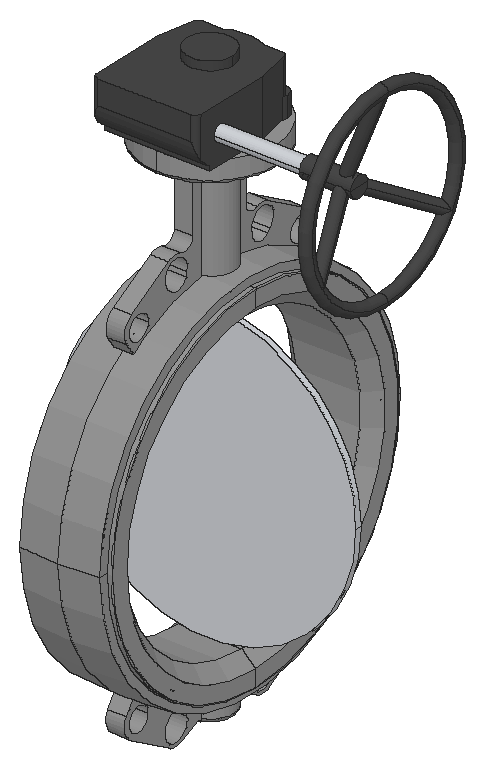
Revit family "Запорно-регулирующая заслонка с ручным редукторным приводом ZF-4219", category Rohrzubehör, Revit 2021
Family settings
  Bemaßung runder Anschluss = Durchmesser verwenden
  Teiletyp = Unterbricht
  Arbeitsebenenbasiert = Nein
  Immer vertikal = Ja
  Beim Laden mit Abzugskörper schneiden = Nein
  Gemeinsam genutzt = Nein
Parameters
  Шпиндель = "Нержавеющая сталь ASTM-A276 / Type 316"  # constant formula
  Фланцевое соединение = "В соответствии с EN1092-2"  # constant formula
  Уплотнение корпуса = "EPDM в соответствии с ISO 1691"  # constant formula
  Среда = "Качество теплоносителя в соответствии с ÖNORM H5195 и/или предписаниями VDI 2035.\r\nРазрешается использование смеси этилен или пропиленгликоля в соотношении 25-50% с водой."
  Область применения = "Применяются в системах тепло- и холодоснабжения."
  Номер заказа [instance] = size_lookup("4219_ZF_G", "Artnr", 1421901, Nennweite)  # 1421969
  Макс. рабочая температура = 110 °C  # constant formula
  Крутящий момент в Нм [instance] = size_lookup("4219_ZF_G", "NM", 350, Nennweite)  # 350
  Корпус = "Чугун GG, GJS-250/JL1040, в соответствии с EN1561"  # constant formula
  Диск = "Нержавеющая сталь 1.4408"  # constant formula
  Вес [instance] = size_lookup("4219_ZF_G", "M", 37.6, Nennweite)  # 37.6
  Vorgabe-Ansicht = 0 mm
  URL = "www.herz-armaturen.at"
  Болты PN16 [instance] = if(Nennweite = 50 mm, "4x M16x100", if(Nennweite = 65 mm, "4x M16x100", if(Nennweite = 80 mm, "8x M16x100", if(Nennweite = 100 mm, "8x M16x110", if(Nennweite = 125 mm, "8x M16x120", if(Nennweite = 150 mm, "8x M20x120", if(Nennweite = 200 mm, "12x M20x130", if(Nennweite = 250 mm, "12x M24x140", "12x M24x160"))))))))  # "12x M24x160"
  Болты PN 6 [instance] = if(Nennweite = 50 mm, "4x M12x100", if(Nennweite = 65 mm, "4x M12x100", if(Nennweite = 80 mm, "4x M16x100", if(Nennweite = 100 mm, "4x M16x100", if(Nennweite = 125 mm, "8x M16x110", if(Nennweite = 150 mm, "8x M16x110", if(Nennweite = 200 mm, "--", if(Nennweite = 250 mm, "12x M16x130", "12xM16x140"))))))))  # "12xM16x140"
  Болты PN10 [instance] = if(Nennweite = 50 mm, "4x M16x100", if(Nennweite = 65 mm, "4x M16x100", if(Nennweite = 80 mm, "4x M16x100", if(Nennweite = 100 mm, "4x M16x110", if(Nennweite = 125 mm, "8x M16x120", if(Nennweite = 150 mm, "8x M20x120", if(Nennweite = 200 mm, "8x M20x130", if(Nennweite = 250 mm, "12x M20x130", "12x M20x150"))))))))  # "12x M20x150"
  SCTWSEQ = "FW;SBT_TYP_FW=\"101\";2"
  SCTWCODE = "04;07;02"  # constant formula
  SCRNSEQ = "ARM;ARM_TYP=\"ALLF\";2"
  SCRNCODE = "05;13;02"  # constant formula
  R_Dichtung = 1.5 mm  # constant formula
  PN16 [instance] = or(Nennweite = 50 mm, Nennweite = 65 mm, Nennweite = 80 mm, Nennweite = 100 mm, Nennweite = 125 mm, Nennweite = 150 mm, Nennweite = 200 mm, Nennweite = 250 mm, Nennweite = 300 mm)  # yes
  PN10 [instance] = or(Nennweite = 50 mm, Nennweite = 65 mm, Nennweite = 80 mm, Nennweite = 100 mm, Nennweite = 125 mm, Nennweite = 150 mm, Nennweite = 200 mm, Nennweite = 250 mm, Nennweite = 300 mm)  # yes
  PN 6 [instance] = or(Nennweite = 50 mm, Nennweite = 65 mm, Nennweite = 80 mm, Nennweite = 100 mm, Nennweite = 125 mm, Nennweite = 150 mm, Nennweite = 250 mm, Nennweite = 300 mm)  # yes
  PN [instance] = 16  # constant formula
  O-Ring = "EPDM в соответствии с ISO 1691"  # constant formula
  Nennweite [instance] = 300 mm
  Мин. рабочая температура = "-20.00 °C при соответствующей водно-гликолевой смеси"  # constant formula
  LO1 [instance] = R05 + 10 mm  # 193 mm
  L16 [instance] = L01 - L13  # 299 mm
  L15 [instance] = L01 + L12  # 328 mm
  L14 [instance] = size_lookup("4219_ZF_G", "L_14", 44.4 mm, Nennweite)  # 89.4 mm
  L13 [instance] = size_lookup("4219_ZF_G", "L_13", 15 mm, Nennweite)  # 9 mm
  L12 [instance] = size_lookup("4219_ZF_G", "L_12", 15 mm, Nennweite)  # 20 mm
  L11 [instance] = size_lookup("4219_ZF_G", "L_11", 15 mm, Nennweite)  # 23 mm
  L10 [instance] = size_lookup("4219_ZF_G", "L_10", 16 mm, Nennweite)  # 16 mm
  L09 [instance] = size_lookup("4219_ZF_G", "L9", 29 mm, Nennweite)  # 61 mm
  L08 [instance] = size_lookup("4219_ZF_G", "L8", 43 mm, Nennweite)  # 78 mm
  L07 [instance] = size_lookup("4219_ZF_G", "L7", 3.5 mm, Nennweite)  # 4.5 mm
  L06 [instance] = size_lookup("4219_ZF_G", "L6", 18 mm, Nennweite)  # 44 mm
  L05 [instance] = size_lookup("4219_ZF_G", "L5", 35 mm, Nennweite)  # 67 mm
  L04 [instance] = size_lookup("4219_ZF_G", "L4", 35 mm, Nennweite)  # 17.5 mm
  L03 [instance] = size_lookup("4219_ZF_G", "L3", 35 mm, Nennweite)  # 207.5 mm
  L02 [instance] = size_lookup("4219_ZF_G", "L2", 35 mm, Nennweite)  # 122 mm
  L01 [instance] = size_lookup("4219_ZF_G", "L1", 35 mm, Nennweite)  # 308 mm
  Hersteller = "HERZ Armaturen Ges.m.b.H."  # constant formula
  H [instance] = size_lookup("4219_ZF_G", "H1", 9 mm, Nennweite)  # 22 mm
  DN300 [instance] = Nennweite = 300 mm  # yes
  DN250 [instance] = Nennweite = 250 mm  # no
  DN200 [instance] = Nennweite = 200 mm  # no
  DN150 [instance] = Nennweite = 150 mm  # no
  DN125 [instance] = Nennweite = 125 mm  # no
  DN100 [instance] = Nennweite = 100 mm  # no
  DN 80 [instance] = Nennweite = 80 mm  # no
  DN 65 [instance] = Nennweite = 65 mm  # no
  DN 50 [instance] = Nennweite = 50 mm  # no
  BD [instance] = size_lookup("4219_ZF_G", "DB", 24 mm, Nennweite)  # 290 mm
  D09 [instance] = size_lookup("4219_ZF_G", "D9", 24 mm, Nennweite)  # 145 mm
  D08 [instance] = size_lookup("4219_ZF_G", "D8", 47 mm, Nennweite)  # 18 mm
  D07 [instance] = size_lookup("4219_ZF_G", "D7", 47 mm, Nennweite)  # 37.5 mm
  D06 [instance] = size_lookup("4219_ZF_G", "D6", 47 mm, Nennweite)  # 65 mm
  R05 [instance] = size_lookup("4219_ZF_G", "D5", 47 mm, Nennweite)  # 183 mm
  D05 [instance] = R05 * 2  # 366 mm
  D04 [instance] = size_lookup("4219_ZF_G", "D4", 41 mm, Nennweite)  # 175 mm
  D03 [instance] = size_lookup("4219_ZF_G", "D3", 35.5 mm, Nennweite)  # 167.5 mm
  R01 [instance] = size_lookup("4219_ZF_G", "D1", 28 mm, Nennweite)  # 154.5 mm
  R02 [instance] = size_lookup("4219_ZF_G", "D2", 30 mm, Nennweite)  # 156.5 mm
Reference planes
  plane 1 "Mitte (Vorne/hinten)": y = 0
  plane 2: z = 0
  plane 3 "Mitte (Links/rechts)": x = 0
Forms (mm)
  Revolve 1, solid, material "Herz-Metall-blau", detail levels fine
    sketch origin (0, 0, 0) x (1, 0, 0) y (0, 1, 0)
      loop
        line (0, 185.241) -> (-39, 183) -> (-39, 175) -> (-30.5, 175) -> (-30.5, 167.5) -> (-32, 167.5)
        arc (-32, 167.5) -> (-33.061, 167.061) -> (-33.5, 166) r 1.5
        line (-33.5, 166) -> (-33.5, 156.824)
        arc (-33.5, 156.824) -> (-33.229, 155.964) -> (-32.513, 155.415) r 1.5
        line (-32.513, 155.415) -> (-29, 154.5) -> (-22, 154.5) -> (-22, 156.5) -> (22, 156.5) -> (22, 154.5) -> (29, 154.5) -> (32.513, 155.415)
        arc (32.513, 155.415) -> (33.229, 155.964) -> (33.5, 156.824) r 1.5
        line (33.5, 156.824) -> (33.5, 166)
        arc (33.5, 166) -> (33.061, 167.061) -> (32, 167.5) r 1.5
        line (32, 167.5) -> (30.5, 167.5) -> (30.5, 175) -> (39, 175) -> (39, 183) -> (0, 185.241)
      axis (39, 0) -> (-39, 0)
    angle from 0 to 360
  Extrusion 2, solid, material "Herz-Metall-blau", visible <- "DN 50", detail levels fine
    sketch origin (0, 0, 0) x (0, 1, 0) y (0, 0, 1)
      loop
        line (20, 54.051) -> (20.008, 111.113) -> (16.897, 110.952)
        arc (16.897, 110.952) -> (15.55, 110.331) -> (15, 108.954) r 2
        line (15, 108.954) -> (15, 44.542)
        arc (15, 44.542) -> (31.465, 34.913) -> (42.748, 19.534) r 47
        arc (42.748, 19.534) -> (42.633, 20.873) -> (43.392, 21.983) r 2
        line (43.392, 21.983) -> (54.714, 30.209)
        arc (54.714, 30.209) -> (56.569, 56.569) -> (30.209, 54.714) r 17.5
        line (30.209, 54.714) -> (27.87, 51.494)
        arc (27.87, 51.494) -> (23.006, 49.914) -> (20, 54.051) r 4.35
      loop
        arc (32.065, 41.998) -> (33.588, 33.588) -> (41.998, 32.065) r 7.5
        line (41.998, 32.065) -> (48.502, 35.17)
        arc (48.502, 35.17) -> (51.265, 51.265) -> (35.17, 48.502) r 10
        line (35.17, 48.502) -> (32.065, 41.998)
      loop
        arc (-20, 54.051) -> (-23.006, 49.914) -> (-27.87, 51.494) r 4.35
        line (-27.87, 51.494) -> (-30.209, 54.714)
        arc (-30.209, 54.714) -> (-56.569, 56.569) -> (-54.714, 30.209) r 17.5
        line (-54.714, 30.209) -> (-43.392, 21.983)
        arc (-43.392, 21.983) -> (-42.633, 20.873) -> (-42.748, 19.534) r 2
        arc (-42.748, 19.534) -> (-31.465, 34.913) -> (-15, 44.542) r 47
        line (-15, 44.542) -> (-15, 108.954)
        arc (-15, 108.954) -> (-15.55, 110.331) -> (-16.897, 110.952) r 2
        line (-16.897, 110.952) -> (-20.008, 111.113) -> (-20, 54.051)
      loop
        line (-32.065, 41.998) -> (-35.17, 48.502)
        arc (-35.17, 48.502) -> (-51.265, 51.265) -> (-48.502, 35.17) r 10
        line (-48.502, 35.17) -> (-41.998, 32.065)
        arc (-41.998, 32.065) -> (-33.588, 33.588) -> (-32.065, 41.998) r 7.5
      loop
        line (32.065, -41.998) -> (35.17, -48.502)
        arc (35.17, -48.502) -> (51.265, -51.265) -> (48.502, -35.17) r 10
        line (48.502, -35.17) -> (41.998, -32.065)
        arc (41.998, -32.065) -> (33.588, -33.588) -> (32.065, -41.998) r 7.5
      loop
        line (54.714, -30.209) -> (43.392, -21.983)
        arc (43.392, -21.983) -> (42.633, -20.873) -> (42.748, -19.534) r 2
        arc (42.748, -19.534) -> (33.234, -33.234) -> (19.534, -42.748) r 47
        arc (19.534, -42.748) -> (20.873, -42.633) -> (21.983, -43.392) r 2
        line (21.983, -43.392) -> (30.209, -54.714)
        arc (30.209, -54.714) -> (56.569, -56.569) -> (54.714, -30.209) r 17.5
      loop
        arc (-32.065, -41.998) -> (-33.588, -33.588) -> (-41.998, -32.065) r 7.5
        line (-41.998, -32.065) -> (-48.502, -35.17)
        arc (-48.502, -35.17) -> (-51.265, -51.265) -> (-35.17, -48.502) r 10
        line (-35.17, -48.502) -> (-32.065, -41.998)
      loop
        arc (-54.714, -30.209) -> (-56.569, -56.569) -> (-30.209, -54.714) r 17.5
        line (-30.209, -54.714) -> (-21.983, -43.392)
        arc (-21.983, -43.392) -> (-20.873, -42.633) -> (-19.534, -42.748) r 2
        arc (-19.534, -42.748) -> (-33.234, -33.234) -> (-42.748, -19.534) r 47
        arc (-42.748, -19.534) -> (-42.633, -20.873) -> (-43.392, -21.983) r 2
        line (-43.392, -21.983) -> (-54.714, -30.209)
    from -4.5 to 4.5
  Extrusion 3, solid, material "Herz-Metall-blau", visible <- "DN 65", detail levels fine
    sketch origin (0, 0, 0) x (0, 1, 0) y (0, 0, 1)
      loop
        arc (51.659, 21.619) -> (51.541, 22.778) -> (52.089, 23.805) r 2
        line (52.089, 23.805) -> (65.407, 37.123)
        arc (65.407, 37.123) -> (65.407, 65.407) -> (37.123, 65.407) r 20
        line (37.123, 65.407) -> (29.414, 57.699)
        arc (29.414, 57.699) -> (27.235, 57.265) -> (26, 59.113) r 2
        line (26, 59.113) -> (26, 136.154) -> (19.897, 135.838)
        arc (19.897, 135.838) -> (18.55, 135.218) -> (18, 133.841) r 2
        line (18, 133.841) -> (18, 53.028)
        arc (18, 53.028) -> (38.206, 40.942) -> (51.659, 21.619) r 56
      loop
        arc (55.637, 42.831) -> (57.983, 57.983) -> (42.831, 55.637) r 9.5
        line (42.831, 55.637) -> (39.647, 48.983)
        arc (39.647, 48.983) -> (41.012, 41.012) -> (48.983, 39.647) r 7
        line (48.983, 39.647) -> (55.637, 42.831)
      loop
        arc (51.659, -21.619) -> (39.598, -39.598) -> (21.619, -51.659) r 56
        arc (21.619, -51.659) -> (22.778, -51.541) -> (23.805, -52.089) r 2
        line (23.805, -52.089) -> (37.123, -65.407)
        arc (37.123, -65.407) -> (65.407, -65.407) -> (65.407, -37.123) r 20
        line (65.407, -37.123) -> (52.089, -23.805)
        arc (52.089, -23.805) -> (51.541, -22.778) -> (51.659, -21.619) r 2
      loop
        line (55.637, -42.831) -> (48.983, -39.647)
        arc (48.983, -39.647) -> (41.012, -41.012) -> (39.647, -48.983) r 7
        line (39.647, -48.983) -> (42.831, -55.637)
        arc (42.831, -55.637) -> (57.983, -57.983) -> (55.637, -42.831) r 9.5
      loop
        arc (-51.659, -21.619) -> (-51.541, -22.778) -> (-52.089, -23.805) r 2
        line (-52.089, -23.805) -> (-65.407, -37.123)
        arc (-65.407, -37.123) -> (-65.407, -65.407) -> (-37.123, -65.407) r 20
        line (-37.123, -65.407) -> (-23.805, -52.089)
        arc (-23.805, -52.089) -> (-22.778, -51.541) -> (-21.619, -51.659) r 2
        arc (-21.619, -51.659) -> (-39.598, -39.598) -> (-51.659, -21.619) r 56
      loop
        arc (-55.637, -42.831) -> (-57.983, -57.983) -> (-42.831, -55.637) r 9.5
        line (-42.831, -55.637) -> (-39.647, -48.983)
        arc (-39.647, -48.983) -> (-41.012, -41.012) -> (-48.983, -39.647) r 7
        line (-48.983, -39.647) -> (-55.637, -42.831)
      loop
        arc (-51.659, 21.619) -> (-38.206, 40.942) -> (-18, 53.028) r 56
        line (-18, 53.028) -> (-18, 133.838)
        arc (-18, 133.838) -> (-18.55, 135.215) -> (-19.897, 135.835) r 2
        line (-19.897, 135.835) -> (-26, 136.151) -> (-26, 59.113)
        arc (-26, 59.113) -> (-27.235, 57.265) -> (-29.414, 57.699) r 2
        line (-29.414, 57.699) -> (-37.123, 65.407)
        arc (-37.123, 65.407) -> (-65.407, 65.407) -> (-65.407, 37.123) r 20
        line (-65.407, 37.123) -> (-52.089, 23.805)
        arc (-52.089, 23.805) -> (-51.541, 22.778) -> (-51.659, 21.619) r 2
      loop
        line (-55.637, 42.831) -> (-48.983, 39.647)
        arc (-48.983, 39.647) -> (-41.012, 41.012) -> (-39.647, 48.983) r 7
        line (-39.647, 48.983) -> (-42.831, 55.637)
        arc (-42.831, 55.637) -> (-57.983, 57.983) -> (-55.637, 42.831) r 9.5
    from -4.5 to 4.5
  Extrusion 4, solid, material "Herz-Metall-blau", visible <- "DN 80", detail levels fine
    sketch origin (0, 0, 0) x (0, 1, 0) y (0, 0, 1)
      loop
        line (26, 143.161) -> (20.397, 142.871)
        arc (20.397, 142.871) -> (19.05, 142.251) -> (18.5, 140.874) r 2
        line (18.5, 140.874) -> (18.5, 62.833)
        arc (18.5, 62.833) -> (41.296, 50.842) -> (57.706, 30.989) r 65.5
        arc (57.706, 30.989) -> (57.482, 32.176) -> (57.983, 33.275) r 2
        line (57.983, 33.275) -> (67.23, 43.52)
        arc (67.23, 43.52) -> (70.328, 54.798) -> (65.407, 65.407) r 17
        line (65.407, 65.407) -> (42.005, 86.53)
        arc (42.005, 86.53) -> (37.832, 89.302) -> (33.031, 90.738) r 17
        arc (33.031, 90.738) -> (27.974, 93.895) -> (26, 99.52) r 9
        line (26, 99.52) -> (26, 143.161)
      loop
        circle (30.615, 73.91) r 9.5
      loop
        circle (53.387, 53.387) r 9.5
      loop
        arc (57.706, -30.989) -> (41.296, -50.842) -> (18.5, -62.833) r 65.5
        line (18.5, -62.833) -> (18.5, -85.837)
        arc (18.5, -85.837) -> (30.113, -90.903) -> (42.005, -86.53) r 17
        line (42.005, -86.53) -> (65.407, -65.407)
        arc (65.407, -65.407) -> (70.328, -54.798) -> (67.23, -43.52) r 17
        line (67.23, -43.52) -> (57.983, -33.275)
        arc (57.983, -33.275) -> (57.482, -32.176) -> (57.706, -30.989) r 2
      loop
        circle (30.615, -73.91) r 9.5
      loop
        circle (53.387, -53.387) r 9.5
      loop
        arc (-57.706, -30.989) -> (-57.482, -32.176) -> (-57.983, -33.275) r 2
        line (-57.983, -33.275) -> (-67.23, -43.52)
        arc (-67.23, -43.52) -> (-70.328, -54.798) -> (-65.407, -65.407) r 17
        line (-65.407, -65.407) -> (-42.005, -86.53)
        arc (-42.005, -86.53) -> (-30.113, -90.903) -> (-18.5, -85.837) r 17
        line (-18.5, -85.837) -> (-18.5, -62.833)
        arc (-18.5, -62.833) -> (-41.296, -50.842) -> (-57.706, -30.989) r 65.5
      loop
        circle (-30.615, -73.91) r 9.5
      loop
        circle (-53.387, -53.387) r 9.5
      loop
        line (-26, 143.179) -> (-26, 99.52)
        arc (-26, 99.52) -> (-27.974, 93.895) -> (-33.031, 90.738) r 9
        arc (-33.031, 90.738) -> (-37.832, 89.302) -> (-42.005, 86.53) r 17
        line (-42.005, 86.53) -> (-65.407, 65.407)
        arc (-65.407, 65.407) -> (-70.328, 54.798) -> (-67.23, 43.52) r 17
        line (-67.23, 43.52) -> (-57.983, 33.275)
        arc (-57.983, 33.275) -> (-57.482, 32.176) -> (-57.706, 30.989) r 2
        arc (-57.706, 30.989) -> (-41.296, 50.842) -> (-18.5, 62.833) r 65.5
        line (-18.5, 62.833) -> (-18.5, 140.891)
        arc (-18.5, 140.891) -> (-19.05, 142.268) -> (-20.397, 142.888) r 2
        line (-20.397, 142.888) -> (-26, 143.179)
      loop
        circle (-30.615, 73.91) r 9.5
      loop
        circle (-53.387, 53.387) r 9.5
    from -4.5 to 4.5
  Extrusion 5, solid, material "Herz-Metall-blau", visible <- "DN100", detail levels fine
    sketch origin (0, 0, 0) x (0, 1, 0) y (0, 0, 1)
      loop
        line (64.131, 38.887) -> (73.681, 49.873)
        arc (73.681, 49.873) -> (77.063, 61.29) -> (72.125, 72.125) r 17
        line (72.125, 72.125) -> (45.809, 95.79)
        arc (45.809, 95.79) -> (41.366, 98.675) -> (36.25, 100.053) r 17
        arc (36.25, 100.053) -> (28.882, 104.596) -> (26, 112.759) r 13
        line (26, 112.759) -> (26, 166.173) -> (20.397, 165.883)
        arc (20.397, 165.883) -> (19.05, 165.263) -> (18.5, 163.886) r 2
        line (18.5, 163.886) -> (18.5, 72.683)
        arc (18.5, 72.683) -> (44.637, 60.27) -> (64.131, 38.887) r 75
      loop
        circle (60.104, 60.104) r 9.5
      loop
        circle (34.442, 83.149) r 9.5
      loop
        arc (64.131, -38.887) -> (44.637, -60.27) -> (18.5, -72.683) r 75
        line (18.5, -72.683) -> (18.5, -95.329)
        arc (18.5, -95.329) -> (21.473, -95.603) -> (24.233, -96.743) r 10
        arc (24.233, -96.743) -> (35.191, -100.133) -> (45.809, -95.79) r 17
        line (45.809, -95.79) -> (72.125, -72.125)
        arc (72.125, -72.125) -> (77.063, -61.29) -> (73.681, -49.873) r 17
        line (73.681, -49.873) -> (64.131, -38.887)
      loop
        circle (60.104, -60.104) r 9.5
      loop
        circle (34.442, -83.149) r 9.5
      loop
        line (-64.131, -38.887) -> (-73.681, -49.873)
        arc (-73.681, -49.873) -> (-77.063, -61.29) -> (-72.125, -72.125) r 17
        line (-72.125, -72.125) -> (-45.809, -95.79)
        arc (-45.809, -95.79) -> (-35.191, -100.133) -> (-24.233, -96.743) r 17
        arc (-24.233, -96.743) -> (-21.473, -95.603) -> (-18.5, -95.329) r 10
        line (-18.5, -95.329) -> (-18.5, -72.683)
        arc (-18.5, -72.683) -> (-44.637, -60.27) -> (-64.131, -38.887) r 75
      loop
        circle (-60.104, -60.104) r 9.5
      loop
        circle (-34.442, -83.149) r 9.5
      loop
        arc (-64.131, 38.887) -> (-44.637, 60.27) -> (-18.5, 72.683) r 75
        line (-18.5, 72.683) -> (-18.5, 163.876)
        arc (-18.5, 163.876) -> (-19.05, 165.253) -> (-20.397, 165.873) r 2
        line (-20.397, 165.873) -> (-26, 166.164) -> (-26, 112.759)
        arc (-26, 112.759) -> (-28.882, 104.596) -> (-36.25, 100.053) r 13
        arc (-36.25, 100.053) -> (-41.366, 98.675) -> (-45.809, 95.79) r 17
        line (-45.809, 95.79) -> (-72.125, 72.125)
        arc (-72.125, 72.125) -> (-77.063, 61.29) -> (-73.681, 49.873) r 17
        line (-73.681, 49.873) -> (-64.131, 38.887)
      loop
        circle (-60.104, 60.104) r 9.5
      loop
        circle (-34.442, 83.149) r 9.5
    from -4.5 to 4.5
  Extrusion 6, solid, material "Herz-Metall-blau", visible <- "DN125", detail levels fine
    sketch origin (0, 0, 0) x (0, 1, 0) y (0, 0, 1)
      loop
        arc (75.229, 48.945) -> (74.917, 50.244) -> (75.492, 51.45) r 2
        line (75.492, 51.45) -> (82.731, 58.69)
        arc (82.731, 58.69) -> (87.711, 70.711) -> (82.731, 82.731) r 17
        line (82.731, 82.731) -> (51.291, 109.875)
        arc (51.291, 109.875) -> (46.108, 112.941) -> (40.182, 114.007) r 17
        line (40.182, 114.007) -> (38, 114.007)
        arc (38, 114.007) -> (29.515, 117.522) -> (26, 126.007) r 12
        line (26, 126.007) -> (26, 185.157) -> (20.397, 184.867)
        arc (20.397, 184.867) -> (19.05, 184.246) -> (18.5, 182.869) r 2
        line (18.5, 182.869) -> (18.5, 87.823)
        arc (18.5, 87.823) -> (50.736, 74.033) -> (75.229, 48.945) r 89.75
      loop
        circle (40.182, 97.007) r 9.5
      loop
        circle (70.711, 70.711) r 9.5
      loop
        arc (75.229, -48.945) -> (50.736, -74.033) -> (18.5, -87.823) r 89.75
        line (18.5, -87.823) -> (18.5, -108.431)
        arc (18.5, -108.431) -> (24.248, -107.655) -> (29.46, -110.2) r 10
        arc (29.46, -110.2) -> (40.434, -114.005) -> (51.291, -109.875) r 17
        line (51.291, -109.875) -> (82.731, -82.731)
        arc (82.731, -82.731) -> (87.711, -70.711) -> (82.731, -58.69) r 17
        line (82.731, -58.69) -> (75.492, -51.45)
        arc (75.492, -51.45) -> (74.917, -50.244) -> (75.229, -48.945) r 2
      loop
        circle (40.182, -97.007) r 9.5
      loop
        circle (70.711, -70.711) r 9.5
      loop
        arc (-75.229, -48.945) -> (-74.917, -50.244) -> (-75.492, -51.45) r 2
        line (-75.492, -51.45) -> (-82.731, -58.69)
        arc (-82.731, -58.69) -> (-87.711, -70.711) -> (-82.731, -82.731) r 17
        line (-82.731, -82.731) -> (-51.291, -109.875)
        arc (-51.291, -109.875) -> (-40.434, -114.005) -> (-29.46, -110.2) r 17
        arc (-29.46, -110.2) -> (-24.248, -107.655) -> (-18.5, -108.431) r 10
        line (-18.5, -108.431) -> (-18.5, -87.823)
        arc (-18.5, -87.823) -> (-50.736, -74.033) -> (-75.229, -48.945) r 89.75
      loop
        circle (-40.182, -97.007) r 9.5
      loop
        circle (-70.711, -70.711) r 9.5
      loop
        arc (-75.229, 48.945) -> (-50.736, 74.033) -> (-18.5, 87.823) r 89.75
        line (-18.5, 87.823) -> (-18.5, 182.852)
        arc (-18.5, 182.852) -> (-19.05, 184.23) -> (-20.397, 184.85) r 2
        line (-20.397, 184.85) -> (-26, 185.14) -> (-26, 126.007)
        arc (-26, 126.007) -> (-29.515, 117.522) -> (-38, 114.007) r 12
        line (-38, 114.007) -> (-40.182, 114.007)
        arc (-40.182, 114.007) -> (-46.108, 112.941) -> (-51.291, 109.875) r 17
        line (-51.291, 109.875) -> (-82.731, 82.731)
        arc (-82.731, 82.731) -> (-87.711, 70.711) -> (-82.731, 58.69) r 17
        line (-82.731, 58.69) -> (-75.492, 51.45)
        arc (-75.492, 51.45) -> (-74.917, 50.244) -> (-75.229, 48.945) r 2
      loop
        circle (-40.182, 97.007) r 9.5
      loop
        circle (-70.711, 70.711) r 9.5
    from -6 to 6
  Extrusion 7, solid, material "Herz-Metall-blau", visible <- "DN150", detail levels fine
    sketch origin (0, 0, 0) x (0, 1, 0) y (0, 0, 1)
      loop
        line (83.495, 59.454) -> (91.57, 67.529)
        arc (91.57, 67.529) -> (96.55, 79.55) -> (91.57, 91.57) r 17
        line (91.57, 91.57) -> (57.511, 123.304)
        arc (57.511, 123.304) -> (45.758, 127.865) -> (34.095, 123.077) r 17
        arc (34.095, 123.077) -> (28.976, 122.416) -> (26, 126.633) r 5
        line (26, 126.633) -> (26, 198.177) -> (20.397, 197.887)
        arc (20.397, 197.887) -> (19.05, 197.267) -> (18.5, 195.889) r 2
        line (18.5, 195.889) -> (18.5, 100.817)
        arc (18.5, 100.817) -> (55.032, 86.474) -> (83.495, 59.454) r 102.5
      loop
        circle (45.922, 110.866) r 11.5
      loop
        circle (79.55, 79.55) r 9.5
      loop
        circle (45.922, -110.866) r 11.5
      loop
        circle (79.55, -79.55) r 9.5
      loop
        line (91.57, -67.529) -> (83.495, -59.454)
        arc (83.495, -59.454) -> (55.032, -86.474) -> (18.5, -100.817) r 102.5
        line (18.5, -100.817) -> (18.5, -123.208)
        arc (18.5, -123.208) -> (19.363, -121.755) -> (21.03, -121.482) r 2
        line (21.03, -121.482) -> (42.642, -127.546)
        arc (42.642, -127.546) -> (50.587, -127.213) -> (57.511, -123.304) r 17
        line (57.511, -123.304) -> (91.57, -91.57)
        arc (91.57, -91.57) -> (96.55, -79.55) -> (91.57, -67.529) r 17
      loop
        arc (-83.495, 59.454) -> (-55.032, 86.474) -> (-18.5, 100.817) r 102.5
        line (-18.5, 100.817) -> (-18.5, 195.875)
        arc (-18.5, 195.875) -> (-19.05, 197.252) -> (-20.397, 197.872) r 2
        line (-20.397, 197.872) -> (-26, 198.163) -> (-26, 126.633)
        arc (-26, 126.633) -> (-28.976, 122.416) -> (-34.095, 123.077) r 5
        arc (-34.095, 123.077) -> (-45.758, 127.865) -> (-57.511, 123.304) r 17
        line (-57.511, 123.304) -> (-91.57, 91.57)
        arc (-91.57, 91.57) -> (-96.55, 79.55) -> (-91.57, 67.529) r 17
        line (-91.57, 67.529) -> (-83.495, 59.454)
      loop
        circle (-45.922, 110.866) r 11.5
      loop
        circle (-79.55, 79.55) r 9.5
      loop
        circle (-45.922, -110.866) r 11.5
      loop
        circle (-79.55, -79.55) r 9.5
      loop
        arc (-91.57, -67.529) -> (-96.55, -79.55) -> (-91.57, -91.57) r 17
        line (-91.57, -91.57) -> (-57.511, -123.304)
        arc (-57.511, -123.304) -> (-50.587, -127.213) -> (-42.642, -127.546) r 17
        line (-42.642, -127.546) -> (-21.03, -121.482)
        arc (-21.03, -121.482) -> (-19.363, -121.755) -> (-18.5, -123.208) r 2
        line (-18.5, -123.208) -> (-18.5, -100.817)
        arc (-18.5, -100.817) -> (-55.032, -86.474) -> (-83.495, -59.454) r 102.5
        line (-83.495, -59.454) -> (-91.57, -67.529)
    from -7 to 7
  Extrusion 8, solid, material "Herz-Metall-blau", visible <- "DN200", detail levels fine
    sketch origin (0, 0, 0) x (0, 1, 0) y (0, 0, 1)
      loop
        arc (42.048, 153.832) -> (26.654, 145.827) -> (35.349, 130.812) r 12
        line (35.349, 130.812) -> (53.31, 124.689)
        arc (53.31, 124.689) -> (67.804, 132.4) -> (61.038, 147.359) r 12
        line (61.038, 147.359) -> (42.048, 153.832)
      loop
        line (28, 226.273) -> (22.065, 226.047)
        arc (22.065, 226.047) -> (20.655, 225.469) -> (20, 224.092) r 2.114
        line (20, 224.092) -> (20, 129.471)
        arc (20, 129.471) -> (49.604, 121.273) -> (76.485, 106.406) r 130.989
        line (76.485, 106.406) -> (76.485, 136.265)
        arc (76.485, 136.265) -> (73.108, 147.391) -> (64.117, 154.764) r 20.019
        line (64.117, 154.764) -> (38.16, 163.592)
        arc (38.16, 163.592) -> (30.802, 169.06) -> (28, 177.79) r 15
        line (28, 177.79) -> (28, 226.273)
      loop
        line (42.048, -153.832) -> (61.038, -147.359)
        arc (61.038, -147.359) -> (67.804, -132.4) -> (53.31, -124.689) r 12
        line (53.31, -124.689) -> (35.349, -130.812)
        arc (35.349, -130.812) -> (26.654, -145.827) -> (42.048, -153.832) r 12
      loop
        arc (76.446, -106.382) -> (49.585, -121.253) -> (20, -129.464) r 131
        line (20, -129.464) -> (20, -141.835)
        arc (20, -141.835) -> (28.361, -158.099) -> (46.453, -160.765) r 20
        line (46.453, -160.765) -> (64.099, -154.75)
        arc (64.099, -154.75) -> (73.075, -147.384) -> (76.446, -136.272) r 20
        line (76.446, -136.272) -> (76.446, -106.382)
      loop
        arc (-42.048, -153.832) -> (-26.654, -145.827) -> (-35.349, -130.812) r 12
        line (-35.349, -130.812) -> (-53.31, -124.689)
        arc (-53.31, -124.689) -> (-67.804, -132.4) -> (-61.038, -147.359) r 12
        line (-61.038, -147.359) -> (-42.048, -153.832)
      loop
        line (-76.446, -106.382) -> (-76.446, -136.272)
        arc (-76.446, -136.272) -> (-73.075, -147.384) -> (-64.099, -154.75) r 20
        line (-64.099, -154.75) -> (-46.453, -160.765)
        arc (-46.453, -160.765) -> (-28.361, -158.099) -> (-20, -141.835) r 20
        line (-20, -141.835) -> (-20, -129.464)
        arc (-20, -129.464) -> (-49.585, -121.253) -> (-76.446, -106.382) r 131
      loop
        line (-42.048, 153.832) -> (-61.038, 147.359)
        arc (-61.038, 147.359) -> (-67.804, 132.4) -> (-53.31, 124.689) r 12
        line (-53.31, 124.689) -> (-35.349, 130.812)
        arc (-35.349, 130.812) -> (-26.654, 145.827) -> (-42.048, 153.832) r 12
      loop
        line (-28, 226.278) -> (-28, 177.79)
        arc (-28, 177.79) -> (-30.802, 169.06) -> (-38.16, 163.592) r 15
        line (-38.16, 163.592) -> (-64.117, 154.764)
        arc (-64.117, 154.764) -> (-73.108, 147.391) -> (-76.485, 136.265) r 20.019
        line (-76.485, 136.265) -> (-76.485, 106.406)
        arc (-76.485, 106.406) -> (-49.604, 121.273) -> (-20, 129.471) r 130.989
        line (-20, 129.471) -> (-20, 224.098)
        arc (-20, 224.098) -> (-20.655, 225.475) -> (-22.065, 226.053) r 2.114
        line (-22.065, 226.053) -> (-28, 226.278)
    from -7 to 7
  Extrusion 9, solid, material "Herz-Metall-blau", visible <- "DN250", detail levels fine
    sketch origin (0, 0, 0) x (0, 1, 0) y (0, 0, 1)
      loop
        arc (-95.9, 125.382) -> (-61.406, 145.382) -> (-23, 156.095) r 157.75
        line (-23, 156.095) -> (-23, 258.814)
        arc (-23, 258.814) -> (-23.588, 260.113) -> (-24.893, 260.69) r 2
        line (-24.893, 260.69) -> (-32, 261.058) -> (-32, 187.712)
        arc (-32, 187.712) -> (-33.507, 185.205) -> (-36.428, 185.359) r 2.84
        arc (-36.428, 185.359) -> (-43.951, 188.152) -> (-51.918, 187.184) r 17
        line (-51.918, 187.184) -> (-97.072, 155.872)
        arc (-97.072, 155.872) -> (-100.207, 149.167) -> (-100.195, 141.765) r 17
        line (-100.195, 141.765) -> (-95.9, 125.382)
      loop
        circle (-83.608, 145.492) r 9.5
      loop
        circle (-45.549, 171.269) r 14
      loop
        arc (96.192, -125.349) -> (61.575, -145.51) -> (23, -156.317) r 157.999
        line (23, -156.317) -> (23, -181.388) -> (27.217, -181.388)
        arc (27.217, -181.388) -> (30.142, -181.826) -> (32.812, -183.1) r 10
        line (32.812, -183.1) -> (36.428, -185.542)
        arc (36.428, -185.542) -> (44.468, -188.388) -> (52.878, -186.972) r 17
        line (52.878, -186.972) -> (97.463, -155.872)
        arc (97.463, -155.872) -> (100.598, -149.167) -> (100.586, -141.765) r 17
        line (100.586, -141.765) -> (96.192, -125.349)
      loop
        circle (84, -145.492) r 9.5
      loop
        circle (45.94, -171.452) r 14
      loop
        line (-96.192, -125.349) -> (-100.586, -141.765)
        arc (-100.586, -141.765) -> (-100.598, -149.167) -> (-97.463, -155.872) r 17
        line (-97.463, -155.872) -> (-52.878, -186.972)
        arc (-52.878, -186.972) -> (-44.468, -188.388) -> (-36.428, -185.542) r 17
        line (-36.428, -185.542) -> (-32.812, -183.1)
        arc (-32.812, -183.1) -> (-30.142, -181.826) -> (-27.217, -181.388) r 10
        line (-27.217, -181.388) -> (-23, -181.388) -> (-23, -156.317)
        arc (-23, -156.317) -> (-61.575, -145.51) -> (-96.192, -125.349) r 157.999
      loop
        circle (-84, -145.492) r 9.5
      loop
        circle (-45.94, -171.452) r 14
      loop
        line (95.9, 125.2) -> (100.195, 141.582)
        arc (100.195, 141.582) -> (100.207, 148.984) -> (97.072, 155.689) r 17
        line (97.072, 155.689) -> (51.919, 187.036)
        arc (51.919, 187.036) -> (43.952, 188.006) -> (36.428, 185.212) r 17
        arc (36.428, 185.212) -> (33.507, 185.058) -> (32, 187.566) r 2.84
        line (32, 187.566) -> (32, 261.045) -> (24.893, 260.677)
        arc (24.893, 260.677) -> (23.588, 260.1) -> (23, 258.801) r 2
        line (23, 258.801) -> (23, 155.948)
        arc (23, 155.948) -> (61.411, 145.223) -> (95.9, 125.2) r 157.605
      loop
        circle (83.608, 145.31) r 9.5
      loop
        circle (45.549, 171.122) r 14
    from -9 to 9
  Extrusion 10, solid, material "Herz-Metall-blau", visible <- "DN300", detail levels fine
    sketch origin (0, 0, 0) x (0, 1, 0) y (0, 0, 1)
      loop
        arc (62.57, 187.834) -> (56.268, 211.23) -> (39.112, 194.12) r 14
        line (39.112, 194.12) -> (40.223, 189.928)
        arc (40.223, 189.928) -> (48.374, 181.769) -> (59.504, 184.767) r 11.5
        line (59.504, 184.767) -> (62.57, 187.834)
      loop
        circle (98.337, 170.892) r 12
      loop
        arc (113.094, 162.454) -> (114.748, 175.326) -> (106.837, 185.615) r 17
        line (106.837, 185.615) -> (61.701, 211.919)
        arc (61.701, 211.919) -> (54.44, 214.463) -> (46.806, 213.516) r 16.852
        arc (46.806, 213.516) -> (36.904, 213.681) -> (32, 222.285) r 10
        line (32, 222.285) -> (32, 286.38) -> (24.895, 286.033)
        arc (24.895, 286.033) -> (23.576, 285.442) -> (23, 284.117) r 2
        line (23, 284.117) -> (23, 181.202)
        arc (23, 181.202) -> (65.613, 170.505) -> (104.437, 149.94) r 182.63
        line (104.437, 149.94) -> (113.094, 162.454)
      loop
        line (62.984, -188.142) -> (59.917, -185.075)
        arc (59.917, -185.075) -> (48.787, -182.077) -> (40.637, -190.235) r 11.5
        line (40.637, -190.235) -> (39.525, -194.427)
        arc (39.525, -194.427) -> (56.681, -211.538) -> (62.984, -188.142) r 14
      loop
        circle (98.75, -171.04) r 12
      loop
        line (113.508, -162.601) -> (104.75, -150.055)
        arc (104.75, -150.055) -> (65.787, -170.766) -> (23, -181.549) r 183
        line (23, -181.549) -> (23, -206.327)
        arc (23, -206.327) -> (24.157, -204.218) -> (26.558, -204.062) r 2.5
        line (26.558, -204.062) -> (45.918, -213.443)
        arc (45.918, -213.443) -> (53.906, -214.994) -> (61.701, -212.654) r 17
        line (61.701, -212.654) -> (107.25, -185.762)
        arc (107.25, -185.762) -> (115.162, -175.474) -> (113.508, -162.601) r 17
      loop
        arc (-62.984, -188.142) -> (-56.681, -211.538) -> (-39.525, -194.427) r 14
        line (-39.525, -194.427) -> (-40.637, -190.235)
        arc (-40.637, -190.235) -> (-48.787, -182.077) -> (-59.917, -185.075) r 11.5
        line (-59.917, -185.075) -> (-62.984, -188.142)
      loop
        circle (-98.75, -171.04) r 12
      loop
        arc (-113.508, -162.601) -> (-115.162, -175.474) -> (-107.25, -185.762) r 17
        line (-107.25, -185.762) -> (-61.701, -212.654)
        arc (-61.701, -212.654) -> (-53.906, -214.994) -> (-45.918, -213.443) r 17
        line (-45.918, -213.443) -> (-26.558, -204.062)
        arc (-26.558, -204.062) -> (-24.157, -204.218) -> (-23, -206.327) r 2.5
        line (-23, -206.327) -> (-23, -181.549)
        arc (-23, -181.549) -> (-65.787, -170.766) -> (-104.75, -150.055) r 183
        line (-104.75, -150.055) -> (-113.508, -162.601)
      loop
        line (-62.574, 188.142) -> (-59.508, 185.075)
        arc (-59.508, 185.075) -> (-48.378, 182.077) -> (-40.227, 190.235) r 11.5
        line (-40.227, 190.235) -> (-39.116, 194.427)
        arc (-39.116, 194.427) -> (-56.272, 211.538) -> (-62.574, 188.142) r 14
      loop
        circle (-98.34, 171.04) r 12
      loop
        line (-113.098, 162.601) -> (-104.44, 150.087)
        arc (-104.44, 150.087) -> (-65.611, 170.637) -> (-23, 181.326) r 182.753
        line (-23, 181.326) -> (-23, 284.115)
        arc (-23, 284.115) -> (-23.577, 285.441) -> (-24.896, 286.032) r 2
        line (-24.896, 286.032) -> (-32, 286.379) -> (-32, 222.593)
        arc (-32, 222.593) -> (-37.217, 213.811) -> (-47.425, 214.193) r 10
        arc (-47.425, 214.193) -> (-54.523, 214.911) -> (-61.291, 212.654) r 17
        line (-61.291, 212.654) -> (-106.84, 185.762)
        arc (-106.84, 185.762) -> (-114.752, 175.474) -> (-113.098, 162.601) r 17
    from -9 to 9
  Revolve 11, solid, material "Herz-Metall-blau"
    sketch origin (0, 0, 0) x (0, 1, 0) y (0, 0, 1)
      loop
        line (0, -183) -> (0, -207.5) -> (20, -207.5)
        arc (20, -207.5) -> (22.121, -206.621) -> (23, -204.5) r 3
        line (23, -204.5) -> (23, -181.549)
        arc (23, -181.549) -> (11.523, -182.637) -> (0, -183) r 183
      axis (0, -181.549) -> (0, -207.5)
    angle from 0 to 360
  Revolve 12, solid, material "Herz-Metall-blau"
    sketch origin (0, 0, 0) x (0, 1, 0) y (0, 0, 1)
      loop
        line (0, 299) -> (0, 183)
        arc (0, 183) -> (11.523, 182.637) -> (23, 181.549) r 183
        line (23, 181.549) -> (23, 284)
        arc (23, 284) -> (23.549, 285.377) -> (24.895, 285.998) r 2
        line (24.895, 285.998) -> (63.105, 288)
        arc (63.105, 288) -> (64.451, 288.621) -> (65, 289.997) r 2
        line (65, 289.997) -> (65, 308) -> (37.5, 308) -> (37.5, 299) -> (0, 299)
      axis (0, 308) -> (0, 181.549)
    angle from 0 to 360
  Revolve 13, solid, material "Gummi"
    sketch origin (0, 0, 0) x (1, 0, 0) y (0, 0, 1)
      loop
        arc (-43.208, 175) -> (-44.263, 174.563) -> (-44.7, 173.508) r 1.492
        line (-44.7, 173.508) -> (-44.7, 156.718) -> (-30.5, 145) -> (30.5, 145) -> (44.7, 157.945) -> (44.7, 174)
        arc (44.7, 174) -> (44.407, 174.707) -> (43.7, 175) r 1
        line (43.7, 175) -> (30.5, 175) -> (30.5, 167.5) -> (32, 167.5)
        arc (32, 167.5) -> (33.061, 167.061) -> (33.5, 166) r 1.5
        line (33.5, 166) -> (33.5, 156.988)
        arc (33.5, 156.988) -> (33.122, 155.993) -> (32.18, 155.499) r 1.5
        line (32.18, 155.499) -> (29, 154.5) -> (20.027, 154.5) -> (20.027, 156.5) -> (-23.973, 156.5) -> (-23.973, 154.5) -> (-29, 154.5) -> (-32.18, 155.499)
        arc (-32.18, 155.499) -> (-33.122, 155.993) -> (-33.5, 156.988) r 1.5
        line (-33.5, 156.988) -> (-33.5, 166)
        arc (-33.5, 166) -> (-33.061, 167.061) -> (-32, 167.5) r 1.5
        line (-32, 167.5) -> (-30.5, 167.5) -> (-30.5, 175) -> (-43.208, 175)
      axis (-44.7, 0) -> (44.7, 0)
    angle from 0 to 360
  Extrusion 14, solid, detail levels fine
    sketch origin (0, 0, 0) x (1, 0, 0) y (0, 0, 1)
      loop
        circle (0, 0) r 145
    from -3 to 3
  Extrusion 15, solid, detail levels fine
    sketch origin (0, 0, 0) x (1, 0, 0) y (0, 1, 0)
      loop
        line (0, 15.556) -> (-15.556, 0) -> (0, -15.556) -> (15.556, 0) -> (0, 15.556)
    from 299 <- "L16" to 328 <- "L15"
Lines and regions (mm)
  model lines, detail levels coarse+medium
    curve 1: line (-39, 183, 0) -> (39, 183, 0)
    curve 2: line (-39, -183, 0) -> (-39, 183, 0)
    curve 3: line (39, -183, 0) -> (-39, -183, 0)
    curve 4: line (39, 183, 0) -> (39, -183, 0)
    curve 5: line (-39, 183, 0) -> (39, -183, 0)
    curve 6: circle (0, 0, 0) r 5 normal (0, 0, 1)
    curve 7: line (-39, 0, 183) -> (39, 0, 183)
    curve 8: line (-39, 0, -183) -> (-39, 0, 183)
    curve 9: line (39, 0, -183) -> (-39, 0, -183)
    curve 10: line (39, 0, 183) -> (39, 0, -183)
    curve 11: line (-39, 0, 183) -> (39, 0, -183)
    curve 12: circle (0, 0, 0) r 7 normal (0, -1, 0)
Dimensions and locks
  "L08": Revolve 1 sketch curve to Revolve 1 sketch curve
  equal spacing: Revolve 1 sketch curve, plane 3 "Mitte (Links/rechts)", Revolve 1 sketch curve  (x4)
  "L07": Revolve 1 sketch curve to Revolve 1 sketch curve  (x2)
  "L06": Revolve 1 sketch curve to Revolve 1 sketch curve
  "L05": Revolve 1 sketch curve to Revolve 1 sketch curve
  "L09": Revolve 1 sketch curve to Revolve 1 sketch curve
  "R05": plane 1 "Mitte (Vorne/hinten)" to Revolve 1 sketch curve  (x2)
  "D04": plane 1 "Mitte (Vorne/hinten)" to Revolve 1 sketch curve  (x2)
  "D03": plane 1 "Mitte (Vorne/hinten)" to Revolve 1 sketch curve  (x2)
  "R01": plane 1 "Mitte (Vorne/hinten)" to Revolve 1 sketch curve  (x2)
  "R02": plane 1 "Mitte (Vorne/hinten)" to Revolve 1 sketch curve
  equal spacing: curve 2, plane 3 "Mitte (Links/rechts)", curve 4
  equal spacing: curve 3, plane 1 "Mitte (Vorne/hinten)", curve 1
  "L08": curve 2 to curve 4
  "D05": curve 3 to curve 1
  equal spacing: curve 10, plane 3 "Mitte (Links/rechts)", curve 8
  equal spacing: curve 7, level, curve 9
  "D05": curve 7 to curve 9
  "L08": curve 8 to curve 10
  "L11": Revolve 11 sketch curve to plane 1 "Mitte (Vorne/hinten)"
  "L03": level to Revolve 11 sketch curve
  "R05": level to Revolve 11 sketch curve
  "R05": Revolve 12 sketch curve to curve 2
  "L11": Revolve 12 sketch curve to plane 1 "Mitte (Vorne/hinten)"
  "L01": Revolve 12 sketch curve to level
  "L12": Revolve 12 sketch curve to Revolve 12 sketch curve
  "L13": Revolve 12 sketch curve to Revolve 12 sketch curve
  "D07": Revolve 12 sketch curve to Revolve 12 sketch curve
  "D06": Revolve 12 sketch curve to Revolve 12 sketch curve
  Extrusion 10 sketch curve to plane 1 "Mitte (Vorne/hinten)" to Extrusion 10 sketch curve = 23 mm, 23 mm
  equal spacing: Extrusion 10 sketch curve, plane 1 "Mitte (Vorne/hinten)", Extrusion 10 sketch curve
  Extrusion 10 sketch curve to Extrusion 10 sketch curve = 64 mm
  Extrusion 9 sketch curve to plane 1 "Mitte (Vorne/hinten)" to Extrusion 9 sketch curve = 23 mm, 23 mm
  Extrusion 9 sketch curve to plane 1 "Mitte (Vorne/hinten)" to Extrusion 9 sketch curve = 32 mm, 32 mm
  Extrusion 8 sketch curve to Extrusion 8 sketch curve = 56 mm
  equal spacing: Extrusion 8 sketch curve, plane 1 "Mitte (Vorne/hinten)", Extrusion 8 sketch curve
  Extrusion 8 sketch curve to plane 1 "Mitte (Vorne/hinten)" to Extrusion 8 sketch curve = 20 mm, 20 mm
  equal spacing: Extrusion 7 sketch curve, plane 1 "Mitte (Vorne/hinten)", Extrusion 7 sketch curve
  Extrusion 7 sketch curve to Extrusion 7 sketch curve = 52 mm
  equal spacing: Extrusion 6 sketch curve, plane 1 "Mitte (Vorne/hinten)", Extrusion 6 sketch curve
  "R02": Revolve 13 sketch curve to curve 3
  "D04": Revolve 13 sketch curve to level  (x2)
  "L14": Revolve 13 sketch curve to Revolve 13 sketch curve
  "D09": Revolve 13 sketch curve to level
  "D03": Revolve 13 sketch curve to level  (x2)
  "R01": Revolve 13 sketch curve to level  (x2)
  "L09": Revolve 13 sketch curve to Revolve 13 sketch curve  (x2)
  "L06": Revolve 13 sketch curve to Revolve 13 sketch curve
  "L05": Revolve 13 sketch curve to Revolve 13 sketch curve
  equal spacing: Revolve 13 sketch curve, plane 3 "Mitte (Links/rechts)", Revolve 13 sketch curve  (x4)
  "L07": Revolve 13 sketch curve to Revolve 13 sketch curve  (x2)
  equal spacing: Extrusion 15 sketch curve, plane 3 "Mitte (Links/rechts)", Extrusion 15 sketch curve  (x2)
  "H": Extrusion 15 sketch curve to Extrusion 15 sketch curve  (x2)
  "L11": nested 1 to plane 3 "Mitte (Links/rechts)"
  "LO1": plane 2 to nested 1
  "R05": radius of Revolve 11 sketch curve
  "R05": radius of Revolve 12 sketch curve
  "R_Dichtung": radius of Revolve 13 sketch curve  (x4)
  "BD": diameter of Extrusion 14 sketch curve
  angle Revolve 1 sketch curve to Revolve 1 sketch curve = 93.2891°  (x2)
  angle Revolve 12 sketch curve to Revolve 12 sketch curve = 93.00°
  angle plane 3 "Mitte (Links/rechts)" to Extrusion 15 sketch curve = 45.00°
  angle Extrusion 15 sketch curve to plane 3 "Mitte (Links/rechts)" = 45.00°
  aligned and locked: level to plane 2
Automatic sketch dimensions
  Extrusion 2 sketch curve to Extrusion 2 sketch curve = 0 mm  (x28)
  Extrusion 2 sketch curve to level = 0 mm
  Extrusion 2 sketch curve to plane 1 "Mitte (Vorne/hinten)" = 0 mm
  plane 1 "Mitte (Vorne/hinten)" to Extrusion 2 sketch curve = 15 mm
  Extrusion 2 sketch curve to Extrusion 2 sketch curve = 1.897 mm  (x2)
  Extrusion 2 sketch curve to Extrusion 2 sketch curve = 0.103 mm  (x2)
  Extrusion 2 sketch curve to Extrusion 2 sketch curve = 5 mm  (x2)
  Extrusion 2 sketch curve to Extrusion 2 sketch curve = 3.111 mm  (x2)
  plane 1 "Mitte (Vorne/hinten)" to Extrusion 2 sketch curve = 20.365 mm
  Extrusion 2 sketch curve to Extrusion 2 sketch curve = 1.618 mm  (x6)
  Extrusion 2 sketch curve to Extrusion 2 sketch curve = 4.35 mm  (x2)
  Extrusion 2 sketch curve to Extrusion 2 sketch curve = 3.519 mm  (x2)
  Extrusion 2 sketch curve to Extrusion 2 sketch curve = 2.34 mm  (x2)
  Extrusion 2 sketch curve to Extrusion 2 sketch curve = 8.226 mm  (x6)
  Extrusion 2 sketch curve to Extrusion 2 sketch curve = 10.081 mm  (x6)
  Extrusion 2 sketch curve to Extrusion 2 sketch curve = 4.195 mm  (x2)
  Extrusion 2 sketch curve to Extrusion 2 sketch curve = 3.105 mm  (x8)
  Extrusion 2 sketch curve to Extrusion 2 sketch curve = 6.826 mm  (x8)
  Extrusion 2 sketch curve to Extrusion 2 sketch curve = 3.107 mm  (x4)
  Extrusion 2 sketch curve to Extrusion 2 sketch curve = 1.394 mm  (x6)
  Extrusion 2 sketch curve to Extrusion 2 sketch curve = 5.303 mm  (x8)
  Extrusion 2 sketch curve to Extrusion 2 sketch curve = 1.176 mm  (x6)
  Extrusion 2 sketch curve to Extrusion 2 sketch curve = 6.505 mm  (x4)
  Extrusion 2 sketch curve to Extrusion 2 sketch curve = 6.212 mm  (x4)
  Extrusion 2 sketch curve to plane 1 "Mitte (Vorne/hinten)" = 15 mm
  Extrusion 2 sketch curve to plane 1 "Mitte (Vorne/hinten)" = 20.365 mm
  Extrusion 2 sketch curve to level = 20.365 mm  (x2)
  level to Extrusion 2 sketch curve = 20.365 mm  (x2)
  Extrusion 2 sketch curve to Extrusion 2 sketch curve = 2.545 mm  (x2)
  Extrusion 2 sketch curve to Extrusion 2 sketch curve = 3.22 mm  (x2)
  Extrusion 2 sketch curve to Extrusion 2 sketch curve = 2.557 mm  (x2)
  Extrusion 2 sketch curve to Extrusion 2 sketch curve = 54.903 mm
  Extrusion 2 sketch curve to Extrusion 2 sketch curve = 0.161 mm  (x2)
  Extrusion 2 sketch curve to Extrusion 2 sketch curve = 0.831 mm  (x2)
  Extrusion 2 sketch curve to Extrusion 2 sketch curve = 1.819 mm  (x2)
  Extrusion 10 sketch curve to Extrusion 10 sketch curve = 0 mm  (x23)
  Extrusion 10 sketch curve to level = 0 mm
  Extrusion 10 sketch curve to plane 1 "Mitte (Vorne/hinten)" = 0 mm
  Extrusion 10 sketch curve to Extrusion 10 sketch curve = 1.896 mm
  Extrusion 10 sketch curve to Extrusion 10 sketch curve = 1.998 mm
  plane 1 "Mitte (Vorne/hinten)" to Extrusion 10 sketch curve = 25.5 mm
  Extrusion 10 sketch curve to Extrusion 10 sketch curve = 1.058 mm  (x2)
  Extrusion 10 sketch curve to Extrusion 10 sketch curve = 16.116 mm
  Extrusion 10 sketch curve to Extrusion 10 sketch curve = 12.968 mm
  Extrusion 10 sketch curve to Extrusion 10 sketch curve = 10 mm  (x2)
  Extrusion 10 sketch curve to Extrusion 10 sketch curve = 6.393 mm  (x2)
  Extrusion 10 sketch curve to Extrusion 10 sketch curve = 12.239 mm  (x4)
  Extrusion 10 sketch curve to Extrusion 10 sketch curve = 1.294 mm  (x4)
  Extrusion 10 sketch curve to Extrusion 10 sketch curve = 8.643 mm
  Extrusion 10 sketch curve to Extrusion 10 sketch curve = 15.783 mm  (x2)
  Extrusion 10 sketch curve to Extrusion 10 sketch curve = 11.22 mm  (x3)
  Extrusion 10 sketch curve to Extrusion 10 sketch curve = 35.766 mm  (x3)
  Extrusion 10 sketch curve to Extrusion 10 sketch curve = 6 mm  (x2)
  Extrusion 10 sketch curve to Extrusion 10 sketch curve = 6.1 mm
  Extrusion 10 sketch curve to Extrusion 10 sketch curve = 8.5 mm  (x4)
  Extrusion 10 sketch curve to Extrusion 10 sketch curve = 8.658 mm
  Extrusion 10 sketch curve to Extrusion 10 sketch curve = 8.758 mm  (x2)
  Extrusion 10 sketch curve to Extrusion 10 sketch curve = 16.525 mm
  level to Extrusion 10 sketch curve = 0.006 mm  (x2)
  plane 1 "Mitte (Vorne/hinten)" to Extrusion 10 sketch curve = 0.16 mm
  Extrusion 10 sketch curve to plane 1 "Mitte (Vorne/hinten)" = 0.161 mm
  Extrusion 10 sketch curve to plane 1 "Mitte (Vorne/hinten)" = 23 mm
  Extrusion 10 sketch curve to Extrusion 10 sketch curve = 1.895 mm
  Extrusion 10 sketch curve to Extrusion 10 sketch curve = 0.103 mm
  Extrusion 10 sketch curve to Extrusion 10 sketch curve = 2.5 mm
  Extrusion 10 sketch curve to Extrusion 10 sketch curve = 14.025 mm
  Extrusion 10 sketch curve to Extrusion 10 sketch curve = 16.112 mm
  Extrusion 10 sketch curve to Extrusion 10 sketch curve = 46.986 mm
  Extrusion 10 sketch curve to Extrusion 10 sketch curve = 6.101 mm
  Extrusion 10 sketch curve to Extrusion 10 sketch curve = 8.657 mm
  Extrusion 10 sketch curve to level = 150.055 mm
  Extrusion 10 sketch curve to Extrusion 10 sketch curve = 31.494 mm
  Extrusion 10 sketch curve to Extrusion 10 sketch curve = 12.546 mm  (x2)
  Extrusion 10 sketch curve to Extrusion 10 sketch curve = 8.439 mm  (x4)
  Extrusion 10 sketch curve to Extrusion 10 sketch curve = 17.102 mm  (x3)
  Extrusion 10 sketch curve to Extrusion 10 sketch curve = 5.043 mm  (x3)
  Extrusion 10 sketch curve to Extrusion 10 sketch curve = 1.242 mm  (x4)
  Extrusion 10 sketch curve to Extrusion 10 sketch curve = 9.634 mm
  Extrusion 10 sketch curve to Extrusion 10 sketch curve = 2.265 mm
  Extrusion 10 sketch curve to Extrusion 10 sketch curve = 11.9 mm
  Extrusion 10 sketch curve to Extrusion 10 sketch curve = 14.639 mm  (x3)
  level to Extrusion 10 sketch curve = 150.087 mm
  Extrusion 10 sketch curve to Extrusion 10 sketch curve = 31.386 mm
  Extrusion 10 sketch curve to Extrusion 10 sketch curve = 12.514 mm  (x2)
  Extrusion 10 sketch curve to Extrusion 10 sketch curve = 11.675 mm
  Extrusion 10 sketch curve to Extrusion 10 sketch curve = 4.83 mm
  Extrusion 10 sketch curve to Extrusion 10 sketch curve = 24.578 mm
  Extrusion 10 sketch curve to Extrusion 10 sketch curve = 9.939 mm
  Extrusion 10 sketch curve to Extrusion 10 sketch curve = 61.442 mm
  Extrusion 10 sketch curve to Extrusion 10 sketch curve = 0.001 mm
  Extrusion 10 sketch curve to Extrusion 10 sketch curve = 0.081 mm  (x2)
  Extrusion 10 sketch curve to Extrusion 10 sketch curve = 0.347 mm  (x2)
  Extrusion 10 sketch curve to Extrusion 10 sketch curve = 1.111 mm  (x4)
  Extrusion 10 sketch curve to Extrusion 10 sketch curve = 0.011 mm  (x4)
  Extrusion 10 sketch curve to Extrusion 10 sketch curve = 3.067 mm  (x3)
  Extrusion 10 sketch curve to Extrusion 10 sketch curve = 0.008 mm  (x8)
  Extrusion 10 sketch curve to Extrusion 10 sketch curve = 4.806 mm
  Extrusion 10 sketch curve to Extrusion 10 sketch curve = 8.153 mm
  Extrusion 10 sketch curve to Extrusion 10 sketch curve = 14.895 mm
  Extrusion 10 sketch curve to Extrusion 10 sketch curve = 3.058 mm
  Extrusion 10 sketch curve to Extrusion 10 sketch curve = 3.075 mm  (x4)
  Extrusion 10 sketch curve to Extrusion 10 sketch curve = 0.003 mm  (x4)
  Extrusion 9 sketch curve to Extrusion 9 sketch curve = 0 mm  (x14)
  Extrusion 9 sketch curve to Extrusion 9 sketch curve = 1.893 mm  (x2)
  Extrusion 9 sketch curve to Extrusion 9 sketch curve = 0.103 mm  (x2)
  plane 1 "Mitte (Vorne/hinten)" to Extrusion 9 sketch curve = 27.217 mm
  Extrusion 9 sketch curve to Extrusion 9 sketch curve = 5.595 mm  (x2)
  Extrusion 9 sketch curve to Extrusion 9 sketch curve = 2.84 mm  (x2)
  Extrusion 9 sketch curve to Extrusion 9 sketch curve = 3.617 mm  (x2)
  Extrusion 9 sketch curve to Extrusion 9 sketch curve = 9.512 mm  (x2)
  Extrusion 9 sketch curve to Extrusion 9 sketch curve = 11.101 mm
  Extrusion 9 sketch curve to Extrusion 9 sketch curve = 6.369 mm
  Extrusion 9 sketch curve to Extrusion 9 sketch curve = 16.45 mm  (x2)
  Extrusion 9 sketch curve to Extrusion 9 sketch curve = 38.06 mm  (x3)
  Extrusion 9 sketch curve to Extrusion 9 sketch curve = 12.192 mm  (x2)
  Extrusion 9 sketch curve to Extrusion 9 sketch curve = 12.292 mm  (x2)
  Extrusion 9 sketch curve to Extrusion 9 sketch curve = 13.463 mm  (x4)
  Extrusion 9 sketch curve to Extrusion 9 sketch curve = 3.123 mm  (x4)
  Extrusion 9 sketch curve to Extrusion 9 sketch curve = 4.217 mm  (x2)
  level to Extrusion 9 sketch curve = 0.007 mm  (x2)
  plane 1 "Mitte (Vorne/hinten)" to Extrusion 9 sketch curve = 0.16 mm
  Extrusion 9 sketch curve to level = 0 mm  (x2)
  plane 1 "Mitte (Vorne/hinten)" to Extrusion 9 sketch curve = 0.008 mm
  Extrusion 9 sketch curve to plane 1 "Mitte (Vorne/hinten)" = 0.008 mm
  Extrusion 9 sketch curve to Extrusion 9 sketch curve = 0.153 mm
  Extrusion 9 sketch curve to plane 1 "Mitte (Vorne/hinten)" = 23 mm
  Extrusion 9 sketch curve to Extrusion 9 sketch curve = 10.709 mm
  Extrusion 9 sketch curve to Extrusion 9 sketch curve = 5.979 mm
  Extrusion 9 sketch curve to Extrusion 9 sketch curve = 37.668 mm
  Extrusion 9 sketch curve to level = 125.349 mm
  Extrusion 9 sketch curve to Extrusion 9 sketch curve = 30.969 mm
  Extrusion 9 sketch curve to Extrusion 9 sketch curve = 16.416 mm  (x2)
  Extrusion 9 sketch curve to Extrusion 9 sketch curve = 3.728 mm  (x4)
  Extrusion 9 sketch curve to Extrusion 9 sketch curve = 15.134 mm  (x2)
  Extrusion 9 sketch curve to Extrusion 9 sketch curve = 9.936 mm  (x2)
  Extrusion 9 sketch curve to Extrusion 9 sketch curve = 1.712 mm  (x2)
  Extrusion 9 sketch curve to Extrusion 9 sketch curve = 2.442 mm  (x2)
  level to Extrusion 9 sketch curve = 125.382 mm
  Extrusion 9 sketch curve to Extrusion 9 sketch curve = 30.895 mm
  Extrusion 9 sketch curve to Extrusion 9 sketch curve = 16.382 mm  (x2)
  Extrusion 9 sketch curve to Extrusion 9 sketch curve = 15.174 mm  (x2)
  Extrusion 9 sketch curve to Extrusion 9 sketch curve = 15.914 mm
  Extrusion 9 sketch curve to Extrusion 9 sketch curve = 15.915 mm
  Extrusion 9 sketch curve to Extrusion 9 sketch curve = 0.529 mm  (x2)
  Extrusion 9 sketch curve to Extrusion 9 sketch curve = 71.114 mm
  Extrusion 9 sketch curve to Extrusion 9 sketch curve = 0.013 mm
  Extrusion 9 sketch curve to Extrusion 9 sketch curve = 0.121 mm  (x2)
  Extrusion 9 sketch curve to Extrusion 9 sketch curve = 0.368 mm  (x2)
  Extrusion 9 sketch curve to Extrusion 9 sketch curve = 0.392 mm  (x2)
  Extrusion 8 sketch curve to Extrusion 8 sketch curve = 0 mm  (x7)
  Extrusion 8 sketch curve to level = 0 mm
  Extrusion 8 sketch curve to plane 1 "Mitte (Vorne/hinten)" = 0 mm
  level to Extrusion 8 sketch curve = 0.005 mm  (x2)
  plane 1 "Mitte (Vorne/hinten)" to Extrusion 8 sketch curve = 0.086 mm
  plane 1 "Mitte (Vorne/hinten)" to Extrusion 8 sketch curve = 20 mm
  Extrusion 8 sketch curve to Extrusion 8 sketch curve = 2.065 mm  (x2)
  Extrusion 8 sketch curve to Extrusion 8 sketch curve = 2.108 mm
  Extrusion 8 sketch curve to Extrusion 8 sketch curve = 5.935 mm
  Extrusion 8 sketch curve to Extrusion 8 sketch curve = 15.349 mm  (x4)
  Extrusion 8 sketch curve to Extrusion 8 sketch curve = 10.16 mm  (x2)
  Extrusion 8 sketch curve to Extrusion 8 sketch curve = 2.826 mm  (x4)
  Extrusion 8 sketch curve to Extrusion 8 sketch curve = 1.824 mm  (x2)
  Extrusion 8 sketch curve to Extrusion 8 sketch curve = 3.887 mm  (x2)
  Extrusion 8 sketch curve to Extrusion 8 sketch curve = 3.872 mm  (x2)
  Extrusion 8 sketch curve to Extrusion 8 sketch curve = 4.84 mm
  Extrusion 8 sketch curve to Extrusion 8 sketch curve = 4.405 mm  (x2)
  Extrusion 8 sketch curve to Extrusion 8 sketch curve = 17.961 mm  (x3)
  Extrusion 8 sketch curve to Extrusion 8 sketch curve = 3.135 mm  (x3)
  Extrusion 8 sketch curve to Extrusion 8 sketch curve = 0.021 mm  (x2)
  Extrusion 8 sketch curve to Extrusion 8 sketch curve = 4.571 mm  (x2)
  Extrusion 8 sketch curve to Extrusion 8 sketch curve = 4.592 mm  (x2)
  Extrusion 8 sketch curve to Extrusion 8 sketch curve = 3.061 mm  (x2)
  Extrusion 8 sketch curve to Extrusion 8 sketch curve = 3.079 mm  (x2)
  Extrusion 8 sketch curve to Extrusion 8 sketch curve = 23.135 mm
  Extrusion 8 sketch curve to Extrusion 8 sketch curve = 15.447 mm  (x2)
  Extrusion 8 sketch curve to plane 1 "Mitte (Vorne/hinten)" = 0.086 mm
  Extrusion 8 sketch curve to plane 1 "Mitte (Vorne/hinten)" = 20 mm
  Extrusion 8 sketch curve to Extrusion 8 sketch curve = 0.043 mm
  Extrusion 8 sketch curve to Extrusion 8 sketch curve = 15 mm
  Extrusion 8 sketch curve to Extrusion 8 sketch curve = 18.27 mm
  Extrusion 8 sketch curve to Extrusion 8 sketch curve = 15.408 mm
  Extrusion 8 sketch curve to level = 106.382 mm
  Extrusion 8 sketch curve to Extrusion 8 sketch curve = 23.083 mm
  Extrusion 8 sketch curve to Extrusion 8 sketch curve = 18.308 mm  (x2)
  Extrusion 8 sketch curve to Extrusion 8 sketch curve = 1.347 mm  (x2)
  Extrusion 8 sketch curve to Extrusion 8 sketch curve = 11.583 mm  (x2)
  Extrusion 8 sketch curve to Extrusion 8 sketch curve = 12.371 mm
  Extrusion 8 sketch curve to Extrusion 8 sketch curve = 11.023 mm
  Extrusion 8 sketch curve to Extrusion 8 sketch curve = 0.639 mm  (x2)
  level to Extrusion 8 sketch curve = 106.406 mm
  Extrusion 8 sketch curve to Extrusion 8 sketch curve = 23.065 mm
  Extrusion 8 sketch curve to Extrusion 8 sketch curve = 18.283 mm
  Extrusion 8 sketch curve to Extrusion 8 sketch curve = 1.34 mm  (x2)
